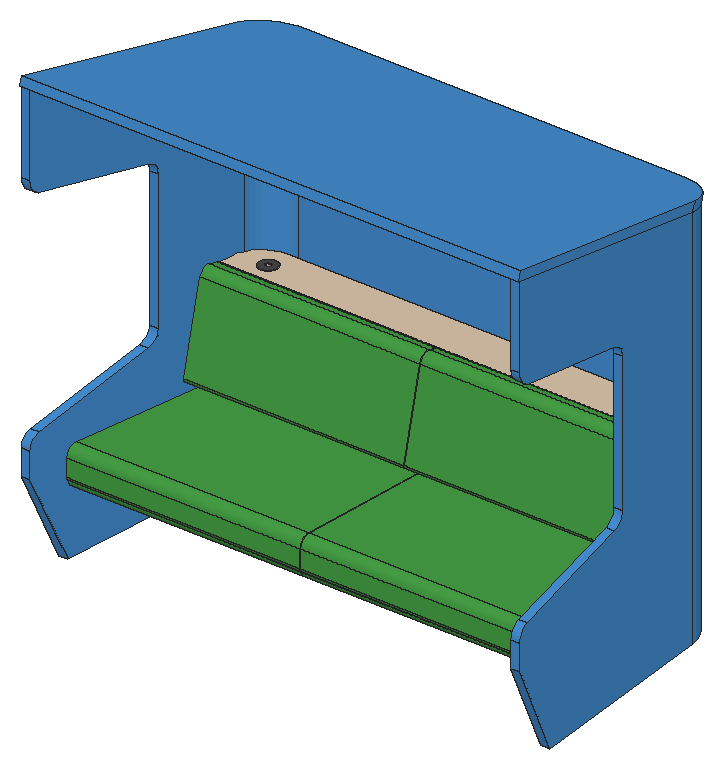
Revit family "Haworth_BuzziVille Hub", category Furniture, Revit 2018
Family settings
  OmniClass Number = 23.40.70.14.64.21
  OmniClass Title = Systems Furniture
  Work Plane-Based = No
  Always vertical = Yes
  Cut with Voids When Loaded = No
  Shared = No
  Room Calculation Point = No
Parameters (values of type "HCBZ-VLB3-OF")
  Warranty = "http://www.haworth.com/resources/product-info/warranties"
  Void Length = if(Open, 93.67969", 3")  # 93.67969"
  URL - Product = "https://www.haworth.com/products/seating/acoustic-seating/buzziville-hub-open"
  URL = "http://www.haworth.com/our-brands/haworth-collection"
  Tablet Finish [instance] = Haworth _ Wood _ Antwerp Oak BAO-ANT
  Small = no
  Size = "Verify Final Dim. w/ Haworth"  # constant formula
  Seat Width = if(Small, 41.32812", if(Medium, 57.08984", 72.82812"))  # 72.82812"
  Seat Finish [instance] = Haworth _ Fabric _ Trevira CS+ _ Hazy Green BCP-9704
  Revision Number = "1"  # constant formula
  Open = yes
  Model = "HCBZ-VLB"  # constant formula
  Medium = not(or(Small, Large))  # no
  Manufacturer = "Haworth"  # constant formula
  Large = yes
  Front Height = 64.17188"  # constant formula
  Description = "Haworth BuzziVille Hub - Open Booth - Large"
  Cushion Width = if(Small, 20.66406", if(Medium, 28.54688", 36.41406"))  # 36.41406"
  Closed = not(Open)  # no
  Booth Finish [instance] = Haworth _ Fabric _ Trevira CS+ _ Ocean BCP-6091
  Author = "Haworth (Abd Rahman)"  # constant formula
  Assembly Code = "E2020200"
  Actual Width = if(Small, 51.17969", if(Medium, 66.92969", 82.67969"))  # 82.67969"
  Actual Height = 74.80078"  # constant formula
  Actual Depth = 47.23828"  # constant formula
Types (6): name | Void Length | Small | Seat Width | Open | Medium | Large | Description | Cushion Width | Closed | Actual Width
  HCBZ-VLB2-CF | 3" | no | 57.08984" | no | yes | no | "Haworth BuzziVille Hub - Closed Booth - Medium" | 28.54688" | yes | 66.92969"
  HCBZ-VLB1-CF | 3" | yes | 41.32812" | no | no | no | "Haworth BuzziVille Hub - Closed Booth - Small" | 20.66406" | yes | 51.17969"
  HCBZ-VLB3-CF | 3" | no | 72.82812" | no | no | yes | "Haworth BuzziVille Hub - Closed Booth - Large" | 36.41406" | yes | 82.67969"
  HCBZ-VLB3-OF | 93.67969" | no | 72.82812" | yes | no | yes | "Haworth BuzziVille Hub - Open Booth - Large" | 36.41406" | no | 82.67969"
  HCBZ-VLB2-OF | 93.67969" | no | 57.08984" | yes | yes | no | "Haworth BuzziVille Hub - Open Booth - Medium" | 28.54688" | no | 66.92969"
  HCBZ-VLB1-OF | 93.67969" | yes | 41.32812" | yes | no | no | "Haworth BuzziVille Hub - Open Booth - Small" | 20.66406" | no | 51.17969"
Reference planes (in)
  plane 1 "Center F/B": y = 1.75
  plane 2: z = 0
  plane 3 "Back": y = 24.7793
  plane 4 "Top": z = 74.80078
  plane 5 "Left": x = -17.10408
  plane 6: x = 24.23577
  plane 7 "Front Height": z = 64.17187
  plane 8 "Angle 3": through (480, -20.86505, 72.51953) normal (0, 0.2079, 0.9781)
  plane 9: x = 65.57561
  plane 10: y = -22.45898
  plane 11 "Void 1": x = 72.57561
  plane 12 "Void 2": x = -21.10408
  plane 13: y = 23.32345
  plane 14: z = 33.21919
  plane 15: z = 11.14448
Forms (in)
  Extrusion 1, solid, material "Haworth _ Fabric _ Trevira CS+ _ Ocean BCP-6091" <- "Booth Finish"
    sketch origin (-0.99952, 0, 0) x (1, 0, 0) y (0, 1, 0)
      loop
        arc (63.06464, 18.84581) -> (60.98071, 23.0716) -> (56.58937, 24.7793) r 6.5
        line (56.58937, 24.7793) -> (-6.1188, 24.7793)
        arc (-6.1188, 24.7793) -> (-10.51014, 23.0716) -> (-12.59407, 18.84581) r 6.5
        line (-12.59407, 18.84581) -> (-16.10456, -21.2793) -> (-14.62852, -21.2793) -> (-11.14557, 18.53102)
        arc (-11.14557, 18.53102) -> (-9.4624, 21.94416) -> (-5.91555, 23.32345) r 5.25
        line (-5.91555, 23.32345) -> (56.39783, 23.32345)
        arc (56.39783, 23.32345) -> (59.94468, 21.94416) -> (61.62786, 18.53102) r 5.25
        line (61.62786, 18.53102) -> (65.11081, -21.2793) -> (66.57513, -21.2793) -> (63.06464, 18.84581)
    from 0 to 74.80078
  Extrusion 2, void
    sketch origin (62.02483, 0, 0) x (0, 1, 0) y (0, 0, 1)
      loop
        line (-24, 20.25549) -> (-24, 0) -> (-14.33709, 0) -> (-24, 20.25549)
    from -87.53394 to 12
  Extrusion 3, void
    sketch origin (61.02531, 0, 0) x (0, 1, 0) y (0, 0, 1)
      loop
        line (-21.2793, 72.60758) -> (24.7793, 62.81753) -> (24.7793, 80.80078) -> (-21.2793, 80.80078) -> (-21.2793, 72.60758)
    from -84.77923 to 12
  Extrusion 4, solid, material "Haworth _ Fabric _ Trevira CS+ _ Ocean BCP-6091" <- "Booth Finish"
    sketch origin (-0.49936, 13.84624, 65.14142) x (0, -0.978148, 0.207912) y (1, 0, 0)
      loop
        line (-5.23153, -13.0843) -> (36.14595, -16.62525) -> (36.14595, 66.09398) -> (-5.23153, 62.55302)
        arc (-5.23153, 62.55302) -> (-9.46544, 60.47257) -> (-11.17731, 56.07669) r 6.5
        line (-11.17731, 56.07669) -> (-11.17731, -6.60797)
        arc (-11.17731, -6.60797) -> (-9.46544, -11.00385) -> (-5.23153, -13.0843) r 6.5
    from 0 to 1.46731
  Extrusion 5, solid, material "Haworth _ Wood _ Antwerp Oak BAO-ANT" <- "Tablet Finish"
    sketch origin (0, 0, 0) x (1, 0, 0) y (0, 1, 0)
      loop
        arc (-6.82493, 20.93132) -> (-10.37175, 19.55205) -> (-12.05495, 16.13896) r 5.25
        line (-12.05495, 16.13896) -> (-12.2553, 13.84932) -> (60.72764, 13.84932) -> (60.52648, 16.13896)
        arc (60.52648, 16.13896) -> (58.84329, 19.55205) -> (55.29647, 20.93132) r 5.25
        line (55.29647, 20.93132) -> (-6.82493, 20.93132)
    from 32.28046 to 32.73565
  Extrusion 6, solid, material "Haworth _ Wood _ Antwerp Oak BAO-ANT" <- "Tablet Finish"
    sketch origin (0, 0, 0) x (1, 0, 0) y (0, 1, 0)
      loop
        circle (55.37638, 17.07682) r 1.4989
      loop
        circle (-6.90485, 17.07682) r 1.4989
    from 32.28046 to 32.75079
  Extrusion 7, void
    sketch origin (0, 0, 0) x (1, 0, 0) y (0, 1, 0)
      loop
        circle (-6.89789, 17.06481) r 0.46362
      loop
        circle (55.36942, 17.06481) r 0.46362
    from 32.38308 to 33.92449
  Sweep 8, void
    path origin (0, 0, 0) x (1, 0, 0) y (0, 1, 0)
      loop
        line (72.57561, -30.2793) -> (-21.10408, -30.2793)
    profile origin (25.73577, -30.2793, 0) x (0, -1, 0) y (0, 0, 1)
      loop
        line (-31.14875, 25.13214) -> (-10.80317, 21.00957)
        arc (-10.80317, 21.00957) -> (-9.50818, 20.22866) -> (-9, 18.80438) r 2.25
        line (-9, 18.80438) -> (-9, 13.93668) -> (1.39024, 13.93668) -> (1.39024, 60.26489) -> (-9, 60.26489) -> (-9, 58.97567)
        arc (-9, 58.97567) -> (-9.56465, 57.39314) -> (-11.00352, 56.52547) r 2.5
        line (-11.00352, 56.52547) -> (-31.14875, 52.4435)
        arc (-31.14875, 52.4435) -> (-32.44374, 51.66259) -> (-32.95192, 50.23831) r 2.25
        line (-32.95192, 50.23831) -> (-32.95192, 27.33732)
        arc (-32.95192, 27.33732) -> (-32.44374, 25.91304) -> (-31.14875, 25.13214) r 2.25
Cuts and joins
  Extrusion 2, Extrusion 3, Sweep 8 cuts Extrusion 1
  Extrusion 7 cuts Extrusion 6
  Extrusion 7 cuts Extrusion 5
Lines and regions (in)
  Masking region 1
    outline origin (0, 0, 0) x (1, 0, 0) y (0, 1, 0)
      loop
        line (65.67882, -22.45898) -> (62.06512, 18.84581)
        arc (62.06512, 18.84581) -> (59.98119, 23.0716) -> (55.58985, 24.7793) r 6.5
        line (55.58985, 24.7793) -> (-7.11832, 24.7793)
        arc (-7.11832, 24.7793) -> (-11.50966, 23.0716) -> (-13.59359, 18.84581) r 6.5
        line (-13.59359, 18.84581) -> (-17.20729, -22.45898) -> (65.67882, -22.45898)
Dimensions and locks (in)
  "Actual Height": plane 4 "Top" to level
  "Front Height": plane 7 "Front Height" to plane 2
  "Actual Width": plane 5 "Left" to plane 9
  "Actual Depth": plane 3 "Back" to plane 10
  equal spacing: plane 5 "Left", plane 6, plane 9
  "Void Length": plane 11 "Void 1" to plane 12 "Void 2"
  locked: plane 3 "Back" to plane 13 at 1.45584
  plane 2 to plane 15 to plane 14 = 11.14448" locked, 22.07471" locked
  locked: Extrusion 1 sketch curve to Extrusion 1 sketch curve at 1.46432
  locked: Extrusion 1 sketch curve to Extrusion 1 sketch curve at 1.47604
  aligned and locked: plane 4 "Top" to Extrusion 1
  aligned and locked: plane 5 "Left" to cut or joined group of Extrusion 1, Extrusion 2, Extrusion 3, Sweep 8
  aligned and locked: cut or joined group of Extrusion 1, Extrusion 2, Extrusion 3, Sweep 8 to plane 2
  aligned and locked: nested 1 to plane 6
  aligned and locked: Extrusion 4 sketch curve to plane 3 "Back"
  aligned and locked: Extrusion 1 sketch curve to plane 3 "Back"
  aligned and locked: plane 13 to Extrusion 1 sketch curve
  aligned and locked: Masking region 1 to cut or joined group of Extrusion 1, Extrusion 2, Extrusion 3, Sweep 8  (x2)
  aligned and locked: plane 3 "Back" to Masking region 1
  aligned and locked: plane 10 to Masking region 1
  aligned and locked: nested 1 to plane 14
  aligned and locked: nested 1 to plane 15
  aligned and locked: nested 2 to plane 6
  aligned and locked: plane 14 to nested 2
  aligned and locked: plane 15 to nested 2
  aligned and locked: nested 2 to plane 15
  aligned and locked: plane 15 to nested 1
  aligned and locked: nested 1 to plane 1 "Center F/B"
  aligned and locked: plane 1 "Center F/B" to nested 2
  aligned and locked: plane 11 "Void 1" to Sweep 8 sketch curve
  aligned and locked: plane 12 "Void 2" to Sweep 8 sketch curve
  aligned and locked: plane 5 "Left" to Extrusion 1 sketch curve
  aligned and locked: plane 9 to Extrusion 1 sketch curve
Automatic sketch dimensions
  Extrusion 2 sketch curve to level = 0"
  level to Extrusion 2 sketch curve = 20.25549"
  plane 4 "Top" to Extrusion 3 sketch curve = 6"
  Extrusion 4 sketch curve to plane 5 "Left" = 9.99675"
  Extrusion 4 sketch curve to Extrusion 4 sketch curve = 5.94578"  (x2)
  Extrusion 4 sketch curve to plane 5 "Left" = 3.52042"
  Extrusion 4 sketch curve to Extrusion 4 sketch curve = 6.5"
  Extrusion 4 sketch curve to Extrusion 4 sketch curve = 41.37748"
  plane 5 "Left" to Extrusion 4 sketch curve = 0.02053"
  Extrusion 1 sketch curve to plane 5 "Left" = 3.51049"
  Extrusion 1 sketch curve to Extrusion 1 sketch curve = 5.02677"
  Extrusion 1 sketch curve to Extrusion 1 sketch curve = 0.20325"
  Extrusion 1 sketch curve to Extrusion 1 sketch curve = 0.19154"
  Extrusion 1 sketch curve to plane 3 "Back" = 6.70584"
  Extrusion 1 sketch curve to Extrusion 1 sketch curve = 6.70584"
  Extrusion 1 sketch curve to Extrusion 1 sketch curve = 0.20584"  (x2)
  Extrusion 1 sketch curve to Extrusion 1 sketch curve = 0.31479"  (x2)
  Extrusion 4 sketch curve to plane 9 = 0.019"
  plane 9 to Extrusion 1 sketch curve = 10.17729"
  plane 9 to Extrusion 1 sketch curve = 4.94727"
  plane 9 to Extrusion 4 sketch curve = 9.99828"
  Extrusion 3 sketch curve to plane 8 "Angle 3" = 0"  (x2)
  Extrusion 3 sketch curve to plane 3 "Back" = 0"
  Extrusion 1 sketch curve to plane 10 = 1.17969"  (x2)
  plane 10 to Extrusion 2 sketch curve = 1.54102"
  Extrusion 2 sketch curve to plane 10 = 8.12189"
  Extrusion 3 sketch curve to plane 10 = 1.17969"
  Masking region 1 sketch curve to plane 10 = 0"
  plane 5 "Left" to Masking region 1 sketch curve = 0.10321"
  Masking region 1 sketch curve to plane 9 = 0.10321"
  Masking region 1 sketch curve to Masking region 1 sketch curve = 6.5"
  Masking region 1 sketch curve to plane 3 "Back" = 5.93349"
  Masking region 1 sketch curve to plane 3 "Back" = 0"
  plane 9 to Masking region 1 sketch curve = 9.98576"
  plane 9 to Masking region 1 sketch curve = 3.51049"
  Masking region 1 sketch curve to plane 5 "Left" = 3.51049"
  Masking region 1 sketch curve to Masking region 1 sketch curve = 6.47527"
  Extrusion 5 sketch curve to plane 5 "Left" = 4.84878"
  Extrusion 5 sketch curve to Extrusion 5 sketch curve = 0.20035"
  Extrusion 5 sketch curve to Extrusion 5 sketch curve = 5.23002"
  Extrusion 5 sketch curve to plane 3 "Back" = 3.84798"
  plane 9 to Extrusion 5 sketch curve = 10.27914"
  plane 9 to Extrusion 5 sketch curve = 5.04913"
  Extrusion 5 sketch curve to Extrusion 5 sketch curve = 0.20116"
  Extrusion 5 sketch curve to Extrusion 5 sketch curve = 4.79236"  (x2)
  Extrusion 5 sketch curve to Extrusion 5 sketch curve = 2.28964"  (x2)
  Extrusion 6 sketch curve to plane 5 "Left" = 10.19923"
  plane 9 to Extrusion 6 sketch curve = 10.19923"
  Extrusion 6 sketch curve to plane 3 "Back" = 7.70247"  (x2)
  Extrusion 7 sketch curve to plane 5 "Left" = 10.20619"
  plane 9 to Extrusion 7 sketch curve = 10.20619"
  Extrusion 7 sketch curve to plane 3 "Back" = 7.71448"  (x2)
  plane 10 to Sweep 8 sketch curve = 7.82031"
  profile plane to Sweep 8 sketch curve = 32.95192"
  Sweep 8 sketch curve to Sweep 8 sketch curve = 1.80317"  (x2)
  Sweep 8 sketch curve to Sweep 8 sketch curve = 0.44683"  (x2)
  Sweep 8 sketch curve to Sweep 8 sketch curve = 2.25"  (x2)
  profile plane to Sweep 8 sketch curve = 11.5"
  profile plane to Sweep 8 sketch curve = 11.25"
  Sweep 8 sketch curve to Sweep 8 sketch curve = 0.49648"
  Sweep 8 sketch curve to Sweep 8 sketch curve = 2.5"
  Sweep 8 sketch curve to profile plane = 1.39024"
  level to Sweep 8 sketch curve = 13.93668"
  Sweep 8 sketch curve to Sweep 8 sketch curve = 4.8677"
  Sweep 8 sketch curve to Sweep 8 sketch curve = 4.12257"
  Sweep 8 sketch curve to Sweep 8 sketch curve = 22.90099"
  Sweep 8 sketch curve to Sweep 8 sketch curve = 4.08197"
  Sweep 8 sketch curve to Sweep 8 sketch curve = 1.28922"
  radius of Extrusion 6 sketch curve = 1.4989"  (x2)
  radius of Extrusion 7 sketch curve = 0.46362"  (x2)
Nested families (in)
  nested 1: "Haworth_BuzziVilleHub_PART" at (-16.43164, -2.83966, -0.34331), Upholstery Finish <- "Seat Finish", type "BuzziVilleHub - PART"
    with Upholstery Finish Haworth _ Fabric _ Trevira CS+ _ Hazy Green BCP-9704
  nested 2: "Haworth_BuzziVilleHub_PART" at (64.90317, -2.83966, -0.34331) x (-1, 0, 0) z (0, 0, 1), Upholstery Finish <- "Seat Finish", type "BuzziVilleHub - PART"
    with Upholstery Finish Haworth _ Fabric _ Trevira CS+ _ Hazy Green BCP-9704
Definition of nested family "Haworth_BuzziVilleHub_PART"
  Parameters (values of type "BuzziVilleHub - PART")
    Warranty = "http://www.haworth.com/resources/product-info/warranties"
    Upholstery Finish [instance] = none
    URL - Product = "https://www.haworth.com/products/seating/acoustic-seating/buzziville-hub-open"
    URL = "http://www.haworth.com/our-brands/haworth-collection"
    Size = "Verify Final Dim. w/ Haworth"  # constant formula
    Revision Number = "1"  # constant formula
    Model = "BuzziVille Hub"
    Manufacturer = "Haworth"  # constant formula
    Description = "Haworth BuzziVille Hub - Cushion PART"
    Author = "Haworth (Abd Rahman)"  # constant formula
    Assembly Code = "E2020200"
    Actual Width = 36.41406"
    Actual Height = 13.78125"  # constant formula
    Actual Depth = 5.67933"
  Reference planes (in)
    plane 1 "Center F/B": y = 1.75
    plane 2: z = 0
    plane 3 "Back": y = 4.58966
    plane 4 "Front": y = -1.08966
    plane 5 "Bottom": z = 11.48779
    plane 6 "Right": x = 40.66741
    plane 7 "Left": x = 4.25334
    plane 8: x = 22.46038
    plane 9 "Top": z = 33.5625
  Forms (in)
    Extrusion 1, solid, material <- "Upholstery Finish"
      sketch origin (40.66741, -0.125, 0.375) x (0, 1, 0) y (0, 0, 1)
        loop
          arc (16.24908, 32.7058) -> (16.20433, 32.99641) -> (15.9672, 33.17025) r 0.38417
          line (15.9672, 33.17025) -> (14.57605, 33.51058)
          arc (14.57605, 33.51058) -> (13.34174, 33.32052) -> (12.60334, 32.31335) r 1.63171
          line (12.60334, 32.31335) -> (9.25757, 18.63677)
          arc (9.25757, 18.63677) -> (9.30175, 18.34983) -> (9.53589, 18.17817) r 0.37933
          line (9.53589, 18.17817) -> (12.14443, 17.54003)
          arc (12.14443, 17.54003) -> (12.43435, 17.58467) -> (12.60779, 17.82124) r 0.38326
          line (12.60779, 17.82124) -> (16.24908, 32.7058)
      from 0 to -36.41406
    Extrusion 2, solid, material <- "Upholstery Finish"
      sketch origin (40.66741, -0.125, 0) x (0, 1, 0) y (0, 0, 1)
        loop
          line (14.37431, 16.99376) -> (18.19796, 32.62377) -> (16.33724, 33.07896) -> (12.51359, 17.44896) -> (14.37431, 16.99376)
      from 0 to -36.41406
    Extrusion 3, solid, material <- "Upholstery Finish"
      sketch origin (40.66741, 0, 0) x (0, 1, 0) y (0, 0, 1)
        loop
          line (-12.34255, 16.06859) -> (-12.48373, 13.11724)
          arc (-12.48373, 13.11724) -> (-12.37893, 12.83135) -> (-12.10105, 12.70687) r 0.39175
          line (-12.10105, 12.70687) -> (-12.10105, 12.57295)
          arc (-12.10105, 12.57295) -> (-11.78321, 11.80563) -> (-11.01589, 11.48779) r 1.08516
          line (-11.01589, 11.48779) -> (12.95607, 11.48779) -> (13.122, 16.10605)
          arc (13.122, 16.10605) -> (13.01939, 16.3862) -> (12.74927, 16.51286) r 0.39175
          line (12.74927, 16.51286) -> (-10.62326, 17.63091)
          arc (-10.62326, 17.63091) -> (-11.80647, 17.20583) -> (-12.34255, 16.06859) r 1.64268
      from 0 to -42.10844
    Extrusion 4, void
      sketch origin (43.67075, 0, 0) x (-1, 0, 0) y (0, -1, 0)
        loop
          line (41.75594, 14.10105) -> (39.35498, -13.34174) -> (69.48504, -13.34174) -> (69.48504, 14.10105) -> (41.75594, 14.10105)
      from 0 to 17.95054
  Cuts and joins
    Extrusion 4 cuts Extrusion 3
  Lines and regions (in)
    Masking region 1
      outline origin (0, 0, 0) x (1, 0, 0) y (0, 1, 0)
        loop
          line (4.25334, 18.07296) -> (4.25334, 14.24931) -> (40.66741, 14.24931) -> (40.66741, 18.07296) -> (4.25334, 18.07296)
        loop
          line (2.08979, -12.10105) -> (40.66741, -12.10105) -> (40.66741, 13.122) -> (4.29655, 13.122) -> (2.08979, -12.10105)
  Dimensions and locks (in)
    "Actual Width": plane 7 "Left" to plane 6 "Right"
    "Actual Depth": plane 4 "Front" to plane 3 "Back"
    equal spacing: plane 4 "Front", plane 1 "Center F/B", plane 3 "Back"
    equal spacing: plane 7 "Left", plane 8, plane 6 "Right"
    aligned and locked: plane 7 "Left" to Extrusion 1
    aligned and locked: plane 6 "Right" to Extrusion 1
    aligned and locked: plane 7 "Left" to Extrusion 2
    aligned and locked: plane 6 "Right" to Extrusion 2
    aligned and locked: Extrusion 3 sketch curve to plane 5 "Bottom"
    aligned and locked: plane 6 "Right" to cut or joined group of Extrusion 3, Extrusion 4
    aligned and locked: cut or joined group of Extrusion 3, Extrusion 4 to Masking region 1 sketch curve
    aligned and locked: Masking region 1 sketch curve to cut or joined group of Extrusion 3, Extrusion 4  (x2)
  Automatic sketch dimensions
    plane 3 "Back" to Extrusion 1 sketch curve = 4.54291"
    Extrusion 1 sketch curve to Extrusion 1 sketch curve = 0.27832"
    Extrusion 1 sketch curve to Extrusion 1 sketch curve = 0.09014"  (x2)
    Extrusion 1 sketch curve to Extrusion 1 sketch curve = 2.60854"
    Extrusion 1 sketch curve to Extrusion 1 sketch curve = 0.09107"  (x2)
    Extrusion 1 sketch curve to plane 9 "Top" = 0.87415"
    plane 3 "Back" to Extrusion 1 sketch curve = 7.88868"
    Extrusion 1 sketch curve to Extrusion 1 sketch curve = 0.37228"
    Extrusion 1 sketch curve to Extrusion 1 sketch curve = 1.58497"
    plane 9 "Top" to Extrusion 1 sketch curve = 0.32308"
    Extrusion 1 sketch curve to Extrusion 1 sketch curve = 0.38774"
    Extrusion 1 sketch curve to Extrusion 1 sketch curve = 1.29986"
    Extrusion 1 sketch curve to plane 9 "Top" = 0.01725"
    Extrusion 1 sketch curve to Extrusion 1 sketch curve = 0.09129"
    Extrusion 1 sketch curve to plane 9 "Top" = 0.4817"
    Extrusion 1 sketch curve to Extrusion 1 sketch curve = 0.37317"
    plane 5 "Bottom" to Extrusion 1 sketch curve = 7.52398"
    Extrusion 1 sketch curve to Extrusion 1 sketch curve = 0.63432"
    plane 3 "Back" to Extrusion 2 sketch curve = 7.79893"
    Extrusion 2 sketch curve to Extrusion 2 sketch curve = 1.86071"  (x2)
    Extrusion 2 sketch curve to plane 9 "Top" = 0.48354"
    plane 3 "Back" to Extrusion 2 sketch curve = 11.62258"
    Extrusion 2 sketch curve to plane 9 "Top" = 0.93873"
    plane 5 "Bottom" to Extrusion 2 sketch curve = 5.96116"
    Extrusion 2 sketch curve to Extrusion 2 sketch curve = 0.4552"
    plane 7 "Left" to Extrusion 4 sketch curve = 0.06243"
    Extrusion 4 sketch curve to plane 7 "Left" = 2.33853"
    Extrusion 4 sketch curve to Extrusion 4 sketch curve = 27.7291"
    Extrusion 4 sketch curve to plane 4 "Front" = 13.01138"
    Extrusion 4 sketch curve to plane 3 "Back" = 8.75208"
    plane 5 "Bottom" to Extrusion 3 sketch curve = 1.62945"
    plane 4 "Front" to Extrusion 3 sketch curve = 11.39406"
    plane 5 "Bottom" to Extrusion 3 sketch curve = 4.5808"
    Extrusion 3 sketch curve to Extrusion 3 sketch curve = 0.14118"
    Extrusion 3 sketch curve to Extrusion 3 sketch curve = 0.38268"
    Extrusion 3 sketch curve to Extrusion 3 sketch curve = 0.00862"
    Extrusion 3 sketch curve to Extrusion 3 sketch curve = 1.08516"
    Extrusion 3 sketch curve to Extrusion 3 sketch curve = 1.6408"
    Extrusion 3 sketch curve to Extrusion 3 sketch curve = 0.07849"  (x2)
    plane 3 "Back" to Extrusion 3 sketch curve = 8.14089"
    plane 5 "Bottom" to Extrusion 3 sketch curve = 5.02507"
    Extrusion 3 sketch curve to Extrusion 3 sketch curve = 0.01872"
    Extrusion 3 sketch curve to Extrusion 3 sketch curve = 0.22552"
    plane 5 "Bottom" to Extrusion 3 sketch curve = 4.61826"
    Extrusion 3 sketch curve to Extrusion 3 sketch curve = 0.39145"
    Extrusion 3 sketch curve to Extrusion 3 sketch curve = 0.41037"
    Masking region 1 sketch curve to plane 7 "Left" = 0"
    Masking region 1 sketch curve to plane 6 "Right" = 0"  (x2)
    Masking region 1 sketch curve to Masking region 1 sketch curve = 1.12731"
    Masking region 1 sketch curve to Masking region 1 sketch curve = 3.82365"
